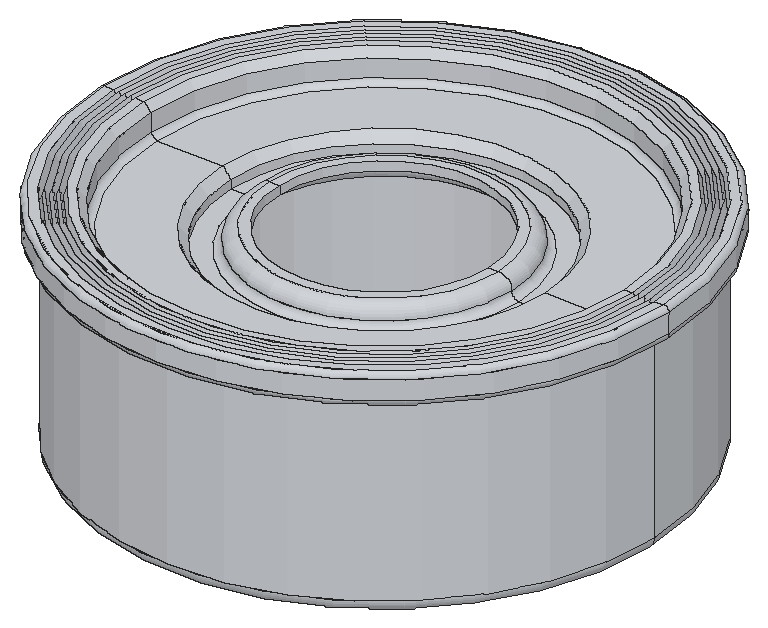
Revit family "Disc Check Valve R60WY002", category Plumbing Fixtures, Revit 2015
Reference planes
  plane 1 "Center (Front/Back)": y = 0
  plane 2: z = 0
  plane 3 "Center (Left/Right)": x = 0
  plane 4: x = -23.018
  plane 5: x = 28.049
  plane 6: x = -27.951
  plane 7: x = -12.5
  plane 8: x = 12.5
  plane 9: x = -12.5
  plane 10: z = 22
Forms (mm)
  Revolve 1, solid
    sketch origin (0, 0, 3) x (1, 0, 0) y (0, 0, 1)
      loop
        line (-12.5, -0.026) -> (-14.214, -0.026)
        arc (-14.214, -0.026) -> (-14.499, -0.715) -> (-15.188, -1) r 0.974
        line (-15.188, -1) -> (-20.929, -1)
        arc (-20.929, -1) -> (-22.406, -0.388) -> (-23.018, 1.089) r 2.089
        line (-23.018, 1.089) -> (-23.018, 18.227) -> (-23.666, 19) -> (-24.464, 19) -> (-24.741, 18.22) -> (-25.019, 19) -> (-25.297, 18.22) -> (-25.575, 19) -> (-25.852, 18.22) -> (-26.13, 19) -> (-26.408, 18.22) -> (-26.685, 19) -> (-27.51, 19)
        arc (-27.51, 19) -> (-27.89, 18.843) -> (-28.047, 18.463) r 0.537
        line (-28.047, 18.463) -> (-28.047, 16.623)
        arc (-28.047, 16.623) -> (-27.864, 16.182) -> (-27.424, 16) r 0.623
        line (-27.424, 16) -> (-26.624, 16) -> (-26.624, -1.86)
        arc (-26.624, -1.86) -> (-26.374, -2.585) -> (-25.73, -3) r 1.173
        line (-25.73, -3) -> (-24.182, -3) -> (-23.904, -2.22) -> (-23.626, -3) -> (-23.348, -2.22) -> (-23.071, -3) -> (-22.793, -2.22) -> (-22.515, -3) -> (-22.238, -2.22) -> (-21.96, -3) -> (-21.682, -2.22) -> (-21.404, -3) -> (-21.127, -2.22) -> (-13.507, -2.22) -> (-12.5, -1.488) -> (-12.5, -0.026)
      axis (0, -3) -> (0, 19)
    angle from 0 to 360
  Revolve 2, solid
    sketch origin (0, 0, 3) x (1, 0, 0) y (0, 0, 1)
      loop
        line (-15.145, -1.006) -> (-15.145, 13.289) -> (-15.93, 13.289) -> (-15.93, 14.289) -> (-15.145, 14.289) -> (-15.145, 15.089) -> (-15.93, 16) -> (-22.399, 16)
        arc (-22.399, 16) -> (-22.806, 16.173) -> (-23.02, 16.559) r 0.678
        line (-23.02, 16.559) -> (-23.02, 0.784)
        arc (-23.02, 0.784) -> (-22.278, -0.5) -> (-20.886, -1.006) r 2.167
        line (-20.886, -1.006) -> (-15.145, -1.006)
      axis (0, -1.006) -> (0, 16.559)
    angle from 0 to 360
  Revolve 3, solid
    sketch origin (0, 0, 5.68) x (1, 0, 0) y (0, 0, 1)
      loop
        line (-15.93, 10.808) -> (-13.242, 10.808)
        arc (-13.242, 10.808) -> (-12.21, 11.22) -> (-11.743, 12.229) r 1.501
        arc (-11.743, 12.229) -> (-11.525, 12.599) -> (-11.121, 12.745) r 0.633
        line (-11.121, 12.745) -> (-10.338, 12.745) -> (-10.338, 13.581) -> (-11.28, 13.581)
        arc (-11.28, 13.581) -> (-12.172, 13.212) -> (-12.541, 12.31) r 1.261
        arc (-12.541, 12.31) -> (-12.746, 11.814) -> (-13.242, 11.608) r 0.701
        line (-13.242, 11.608) -> (-15.93, 11.608) -> (-15.93, 10.808)
      axis (0, 10.808) -> (0, 13.581)
    angle from 0 to 360
  Revolve 4, solid
    sketch origin (0, 0, -1.014) x (1, 0, 0) y (0, 0, 1)
      loop
        arc (-14.747, 4.789) -> (-15.147, 4.389) -> (-14.747, 3.989) r 0.4
        line (-14.747, 3.989) -> (-13.937, 3.989) -> (-13.937, 3.186) -> (-11.996, 3.186) -> (-11.996, 4.126) -> (0, 4.126) -> (0, 5.047) -> (-11.996, 5.047) -> (-12.801, 4.789) -> (-14.747, 4.789)
      axis (0, 3.186) -> (0, 5.047)
    angle from 0 to 360
  Revolve 5, solid, not visible
    sketch origin (0, 38.239, -1.014) x (1, 0, 0) y (0, 0, 1)
      loop
        arc (-9.844, 4.789) -> (-10.244, 4.389) -> (-9.844, 3.989) r 0.4
        line (-9.844, 3.989) -> (-9.034, 3.989) -> (-9.034, 3.186) -> (-7.093, 3.186) -> (-7.093, 4.126) -> (0, 4.126) -> (0, 5.047) -> (-7.093, 5.047) -> (-7.898, 4.789) -> (-9.844, 4.789)
      axis (0, 3.186) -> (0, 5.047)
    angle from 0 to 360
Dimensions and locks
  locked: Revolve 1 sketch curve to Revolve 1 sketch curve at 28.047
  locked: plane 5 to plane 6 at 56
  locked: plane 7 to plane 8 at 25
  Revolve 1 to Revolve 1 = 22 mm
  locked: level to plane 10 at 22
  plane 9 to Revolve 1 sketch curve = 12.5 mm
  aligned and locked: level to plane 2
